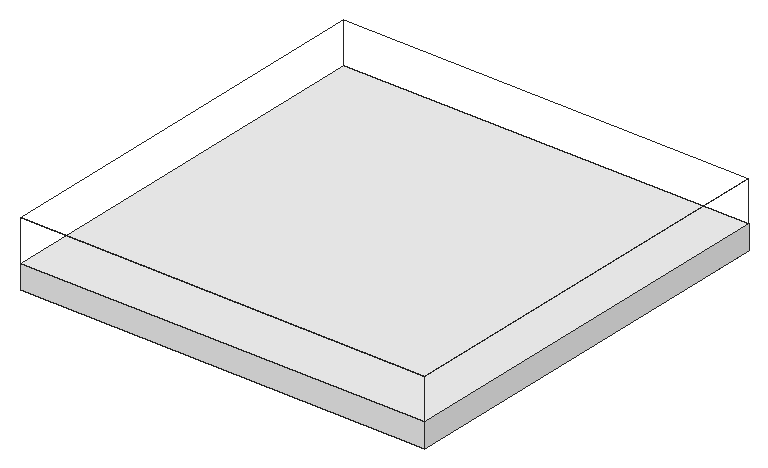
Revit family "Molior 1 Line + S - Ceiling based", category Lighting Fixtures, host Ceiling, Revit 2014
Parameters (values of type "Molior 1 Line 600x600 TL")
  Wattage = 14 W
  WarrantyGuarantorParts = "n/a"
  WarrantyDurationParts = "n/a"
  WarrantyDescription = "n/a"
  built-in parameter 1150110 = 1 (stored number, unit not read)
  Version = "v.1.0"
  Uniclass2 = "Pr_70_70_49_43 Light-Emitting Diode (LED) Luminaires"
  Uniclass 1.4 = "JY73"
  TotalWattage = "Max. 16W / 19W"
  Total height with brackets = 100 mm
  built-in parameter 1114217 = 1 (stored number, unit not read)
  Tilt Angle = 90.00°
  built-in parameter 1150109 = 1 (stored number, unit not read)
  built-in parameter 1150134 = 12
  TagNumber = "n/a"
  SustainabilityPerformance = "n/a"
  built-in parameter 1150113 = 1 (stored number, unit not read)
  SupplyCircuitConductorConnections = "n/a"
  Size = "595 x 595 x 35 mm"
  Shape = "Square"
  ProductInformation = "http://riegens.com/molior-line"
  PhotometricPerformance = "In accordance with BS EN 13032-1"
  Photometric Web File = "Molior 1 line 14W 4000K Lens Clear.ies"
  PhaseReference = "IEC recommendations"
  Optic = "Direct Collimating TIR optic "
  NominalVoltage = "220-240V"
  Molior line 1 - S = no
  Molior line 1 = yes
  ModelReference = "Molior 1 Line 600x600 TL"
  Material = "Steel and optic from PMMA."
  ManufacturersSpecificInformation = "n/a"
  ManufacturerURL = "www.riegens.com"
  Manufacturer = "Riegens A/S"
  built-in parameter 1150105 = 1007.3 (stored number, unit not read)
  Lumens = 1596 lm
  LuminaireType = "Recessed Direct LED Luminaire"
  LuminairePowerFactor = ">0,9"
  built-in parameter 1150115 = 1 (stored number, unit not read)
  LightSource = "LED 3000K / 4000K"
  LightFixturePlacingType = "Ceiling"
  LightFixtureMountingType = "Recessed"
  built-in parameter 1150137 = (empty or 0)
  built-in parameter 1150139 = (empty or 0)
  LampType = "LED"
  LampRating = "14W / 17W"
  LampColourRenderingIndex = "Ra>80 / Ra>90 on request"
  built-in parameter 1150112 = 1 (stored number, unit not read)
  built-in parameter 1150114 = 1 (stored number, unit not read)
  InternalFuse = "Only required in emergency versions"
  InsulationStandardClass = "Class 1"
  built-in parameter 1150132 = (empty or 0)
  built-in parameter 1150102 = (empty or 0)
  built-in parameter 1150107 = 4000 (stored number, unit not read)
  built-in parameter 1150138 = (empty or 0)
  built-in parameter 1150106 = 10.073 (stored number, unit not read)
  IfcExportType = "NOTDEFINED"
  IfcExportAs = "IfcLightFixtureType"
  IP_Code = "IP20"
  Height 1 = 35 mm
  HasProtectiveEarth = "TRUE"
  Grade = "n/a"
  Glass Displacement = 0 mm
  Glass Depth = 540 mm
  Glass = Riegens_Acryl (PMMA)_Prismatic
  Frame Width = 595 mm
  Frame Length = 595 mm
  Frame = Riegens_Steel_Powder coated white RAL901025
  Finish = "Powder coated"
  Features = "n/a"
  built-in parameter 1150104 = 10.591 (stored number, unit not read)
  Documentation = "See URL hyperlink"
  DocumentReference = "See URL hyperlink"
  Dimming Lamp Color Temperature Shift = <None>
  Description = "70-80-35 General Lighting Systems"
  ControlGearPosition = "Integrated "
  Constituents = "n/a"
  Colour = "White"
  Color Filter = 16777215
  CodePerformance = "n/a"
  Clearance Zones Offset = 60 mm
  Clearance Zones = yes
  Cassette Width = 0 mm
  Cassette Depth = 0 mm
  CCSTopnode = "L"
  CCSClassName = "Belysningsarmatur"
  CCSClassCode = "UAC"
  Bracket for C ceilings = no
  BarCode = "n/a"
  BallastsCELMAEnergyEfficiencyIndex = "Class A1/A2"
  built-in parameter 1114218 = 1 (stored number, unit not read)
  BSAB 96 = "SNB.2"
  BIMObjectName = "Molior 1 Line 600x600 TL.rfa"
  Author = "3dbyggeri"
  built-in parameter 1150133 = 10 (stored number, unit not read)
  AssetType = "Moveable/Fixed"
  AssetIdentifier = "n/a"
  ArticleNumber = "See URL hyperlink"
  AccessibilityPerformance = "n/a"
Types (8, lengths in mm): name | TotalWattage | Size | Shape | Photometric Web File | Molior line 1 - S | Molior line 1 | ModelReference | LampRating | Glass | Frame Width | Frame Length | Bracket for C ceilings | BIMObjectName
  Molior 1 Line 600x600 SAS 130 | "Max. 16W" | "295 x 595 x 35 mm" | "Rectangle" | "Molior 1 line 14W 4000K Lens Clear.ies" | no | yes | "Molior 1 Line 300x600 TL" | "14W" | Riegens_Acryl (PMMA)_Prismatic | 595 | 595 | no | "Molior 1 Line 300x600 TL.rfa"
  Molior 1 Line 600x600 C | "Max. 16W / 19W" | "599 x 599 x 100 mm" | "Square" | "Molior 1 line 14W 4000K Lens Clear.ies" | no | yes | "Molior 1 Line 600x600 C" | "14W / 17W" | Riegens_Acryl (PMMA)_Prismatic | 599 | 599 | yes | "Molior 1 Line 600x600 C.rfa"
  Molior 1 Line 625x625 C | "Max. 16W / 19W" | "624 x 624 x 100 mm" | "Square" | "Molior 1 line 14W 4000K Lens Clear.ies" | no | yes | "Molior 1 Line 625x625 C" | "14W / 17W" | Riegens_Acryl (PMMA)_Prismatic | 624 | 624 | yes | "Molior 1 Line 625x625 C.rfa"
  Molior 1 Line 600x600 TL | "Max. 16W / 19W" | "595 x 595 x 35 mm" | "Square" | "Molior 1 line 14W 4000K Lens Clear.ies" | no | yes | "Molior 1 Line 600x600 TL" | "14W / 17W" | Riegens_Acryl (PMMA)_Prismatic | 595 | 595 | no | "Molior 1 Line 600x600 TL.rfa"
  Molior 1 Line 625x625 TL | "Max. 16W / 19W" | "620 x 620 x 35 mm" | "Square" | "Molior 1 line 14W 4000K Lens Clear.ies" | no | yes | "Molior 1 Line 625x625 TL" | "14W / 17W" | Riegens_Acryl (PMMA)_Prismatic | 620 | 620 | no | "Molior 1 Line 625x625 TL.rfa"
  Molior 1 Line S 600x600 SAS 130 | "Max. 16W / 19W" | "584 x 584 x 35 mm" | "Square" | "Molior 1 line S 14W 4000K Lens Clear.ies" | yes | no | "Nolior 1 Line S 600x600 SAS 130" | "14W / 17W" | Riegens_Glass_opal | 584 | 584 | no | "Molior 1 Line S 600x600 SAS 130.rfa"
  Molior 1 Line S 600x600 TL | "Max. 16W / 19W" | "595 x 595 x 35 mm" | "Square" | "Molior 1 line S 14W 4000K Lens Clear.ies" | yes | no | "Nolior 1 Line S 600x600 TL" | "14W / 17W" | Riegens_Acryl (PMMA)_Prismatic | 595 | 595 | no | "Molior 1 Line S 600x600 TL.rfa"
  Molior 1 Line 300x600 TL | "Max. 16W" | "295 x 595 x 35 mm" | "Rectangle" | "Molior 1 line 14W 4000K Lens Clear.ies" | no | yes | "Molior 1 Line 300x600 TL" | "14W" | Riegens_Acryl (PMMA)_Prismatic | 295 | 595 | no | "Molior 1 Line 300x600 TL.rfa"
Reference planes
  plane 1 "Center (Front/Back)": y = 0
  plane 2: z = 0
  plane 3 "Center (Left/Right)": x = 0
  plane 4 "Ceiling": z = 0
  plane 5: x = -297.5
  plane 6: x = 297.5
  plane 7: y = 297.5
  plane 8: y = -297.5
Lines and regions (mm)
  Opening 1
    outline origin (0, 0, 0) x (1, 0, 0) y (0, 1, 0)
      loop
        line (297.5, 297.5) -> (-297.5, 297.5) -> (-297.5, -297.5) -> (297.5, -297.5) -> (297.5, 297.5)
Dimensions and locks
  equal spacing: host sketch curve, plane 3 "Center (Left/Right)", host sketch curve
  equal spacing: host sketch curve, plane 1 "Center (Front/Back)", host sketch curve
  host sketch curve to host sketch curve = 4000 mm  (x2)
  locked: plane 4 "Ceiling" to host ceiling at 0
  equal spacing: plane 5, plane 3 "Center (Left/Right)", plane 6
  equal spacing: plane 8, plane 1 "Center (Front/Back)", plane 7
  "Frame Length": plane 7 to plane 8
  "Frame Width": plane 5 to plane 6
  aligned and locked: plane 3 "Center (Left/Right)" to nested 1
  aligned and locked: plane 7 to Opening 1 sketch curve
  aligned and locked: plane 6 to Opening 1 sketch curve
  aligned and locked: Opening 1 sketch curve to plane 5
  aligned and locked: Opening 1 sketch curve to plane 8
  aligned and locked: imposter light to plane 4 "Ceiling"
Nested families
  nested 1: "Molior 1 Line + S" at (0, 0, 0), type "Molior 1 Line + S"
    with Frame Width 595 mm
Connectors
  electrical at (0, 0, 35)
    settings: on nested 1, index 1, voltage 0 V, apparent load 0 VA, apparent load phase1 0 VA, apparent load phase2 0 VA, apparent load phase3 0 VA, power factor 1, load classification "Other", number of poles 1, system type 31, power factor state 1, is connector primary yes, connector utility no, sub classification motor no, connector description ""
Definition of nested family "Molior 1 Line + S"
  Parameters (values of type "Molior 1 Line + S")
    Void Molior 1 - S = if(Molior line 1 S, 2 mm, -2 mm)  # -2 mm
    Void Molior 1 = if(Molior line 1, 2 mm, -2 mm)  # 2 mm
    Total height with brackets = 100 mm
    Molior line 1 S = no
    Molior line 1 = yes
    Height 1 = 35 mm
    Glass Displacement = 0 mm
    Glass Depth = 540 mm
    Glass = Riegens_Acryl (PMMA)_Prismatic
    Frame Width = 295 mm
    Frame Depth = 595 mm
    Frame = Riegens_Steel_Powder coated white RAL901025
    Extra Part = no
    Clearance Zones Offset = 60 mm
    Clearance Zones = yes
  Reference planes
    plane 1 "Center (Front/Back)": y = 0
    plane 2: z = 0
    plane 3 "Center (Left/Right)": x = 0
    plane 4: x = -147.5
    plane 5: x = 147.5
    plane 6: y = 297.5
    plane 7: y = -297.5
    plane 8: y = 270
    plane 9: y = -270
    plane 10: x = 0
    plane 11: z = 35
    plane 12: z = 95
    plane 13: y = 220.1
    plane 14: y = -220.1
    plane 15: z = 100
  Forms (mm)
    Extrusion 1, solid, material "Riegens_Steel_Powder coated white RAL901025" <- "Frame"
      sketch origin (0, 0, 0) x (1, 0, 0) y (0, 1, 0)
        loop
          line (-147.5, 297.5) -> (-147.5, -297.5) -> (147.5, -297.5) -> (147.5, 297.5) -> (-147.5, 297.5)
      from 0 to 35
    Extrusion 2, solid, material "Riegens_Acryl (PMMA)_Prismatic" <- "Glass", visible <- "Molior line 1"
      sketch origin (0, 0, 0) x (1, 0, 0) y (0, 1, 0)
        loop
          arc (-47.5, -235.389) -> (0, -270) -> (47.5, -235.389) r 49.9
          line (47.5, -235.389) -> (47.5, 235.549)
          arc (47.5, 235.549) -> (0, 270.049) -> (-47.5, 235.549) r 49.949
          line (-47.5, 235.549) -> (-47.5, -235.389)
      from 0 to 2
    Extrusion 3, void
      sketch origin (0, 0, 0) x (1, 0, 0) y (0, 1, 0)
        loop
          arc (-47.5, -235.549) -> (0, -270.049) -> (47.5, -235.549) r 49.949
          line (47.5, -235.549) -> (47.5, 235.389)
          arc (47.5, 235.389) -> (0, 270) -> (-47.5, 235.389) r 49.9
          line (-47.5, 235.389) -> (-47.5, -235.549)
      from 0 to 2 <- "Void Molior 1"
    Extrusion 4, solid, material "Riegens_Steel_Powder coated white RAL901025" <- "Frame", visible <- "Extra Part"
      sketch origin (0, 0, 0) x (1, 0, 0) y (0, 1, 0)
        loop
          line (-147.5, 270) -> (-147.5, -270) -> (-112.5, -270) -> (-112.5, -268) -> (-145.5, -268) -> (-145.5, 268) -> (-112.5, 268) -> (-112.5, 270) -> (-147.5, 270)
      from 35 to 100
    Extrusion 5, solid, material "Riegens_Steel_Powder coated white RAL901025" <- "Frame", visible <- "Extra Part"
      sketch origin (0, 0, 0) x (1, 0, 0) y (0, 1, 0)
        loop
          line (147.5, 270) -> (112.5, 270) -> (112.5, 268) -> (145.5, 268) -> (145.5, -268) -> (112.5, -268) -> (112.5, -270) -> (147.5, -270) -> (147.5, 270)
      from 35 to 100
    Extrusion 6, solid, material "Clearance Zones", visible <- "Clearance Zones"
      sketch origin (0, 0, 0) x (1, 0, 0) y (0, 1, 0)
        loop
          line (-147.5, 297.5) -> (-147.5, -297.5) -> (147.5, -297.5) -> (147.5, 297.5) -> (-147.5, 297.5)
      from 0 to 95
    Extrusion 7, solid, material "Riegens_Acryl (PMMA)_Prismatic" <- "Glass", visible <- "Molior line 1 S"
      sketch origin (195, 0, 0) x (1, 0, 0) y (0, 1, 0)
        loop
          arc (-47.5, -235.389) -> (0, -270) -> (47.5, -235.389) r 49.9
          line (47.5, -235.389) -> (47.5, 235.549)
          arc (47.5, 235.549) -> (0, 270.049) -> (-47.5, 235.549) r 49.949
          line (-47.5, 235.549) -> (-47.5, -235.389)
      from 0 to 2
    Extrusion 8, void
      sketch origin (195, 0, 0) x (1, 0, 0) y (0, 1, 0)
        loop
          arc (-47.5, -235.549) -> (0, -270.049) -> (47.5, -235.549) r 49.949
          line (47.5, -235.549) -> (47.5, 235.389)
          arc (47.5, 235.389) -> (0, 270) -> (-47.5, 235.389) r 49.9
          line (-47.5, 235.389) -> (-47.5, -235.549)
      from 0 to -2 <- "Void Molior 1 - S"
  Cuts and joins
    Extrusion 3, Extrusion 8 cuts Extrusion 1
    Extrusion 8 cuts Extrusion 6
  Dimensions and locks
    equal spacing: plane 4, plane 3 "Center (Left/Right)", plane 5
    equal spacing: plane 6, plane 1 "Center (Front/Back)", plane 7
    "Frame Depth": plane 6 to plane 7
    "Frame Width": plane 4 to plane 5
    locked: plane 1 "Center (Front/Back)" to Extrusion 4 sketch curve at 270
    locked: Extrusion 4 sketch curve to plane 1 "Center (Front/Back)" at 270
    locked: plane 1 "Center (Front/Back)" to Extrusion 5 sketch curve at 270
    locked: Extrusion 5 sketch curve to plane 1 "Center (Front/Back)" at 270
    equal spacing: plane 9, plane 1 "Center (Front/Back)", plane 8
    "Glass Depth": plane 8 to plane 9
    "Glass Displacement": plane 3 "Center (Left/Right)" to plane 10
    locked: plane 10 to Extrusion 3 sketch curve at 47.5
    locked: Extrusion 3 sketch curve to plane 10 at 47.5
    locked: plane 10 to Extrusion 2 sketch curve at 47.5
    locked: Extrusion 2 sketch curve to plane 10 at 47.5
    locked: plane 8 to plane 13 at 49.9
    locked: plane 9 to plane 14 at 49.9
    "Height 1": level to plane 11
    Extrusion 5 to Extrusion 5 = 65 mm
    "Total height with brackets": level to plane 15
    "Clearance Zones Offset": plane 11 to plane 12
    aligned and locked: Extrusion 1 sketch curve to plane 4
    aligned and locked: Extrusion 1 sketch curve to plane 6
    aligned and locked: Extrusion 1 sketch curve to plane 5
    aligned and locked: Extrusion 1 sketch curve to plane 7
    aligned and locked: Extrusion 6 sketch curve to plane 6
    aligned and locked: Extrusion 6 sketch curve to plane 7
    aligned and locked: plane 4 to Extrusion 6 sketch curve
    aligned and locked: plane 5 to Extrusion 6 sketch curve
    aligned and locked: plane 12 to Extrusion 6
    aligned and locked: plane 10 to Extrusion 3 sketch curve  (x2)
    aligned and locked: plane 10 to Extrusion 2 sketch curve  (x2)
    aligned and locked: plane 14 to Extrusion 3 sketch curve
    aligned and locked: plane 13 to Extrusion 2 sketch curve
    aligned and locked: plane 13 to Extrusion 3 sketch curve
    aligned and locked: plane 14 to Extrusion 2 sketch curve
    aligned and locked: plane 11 to cut or joined group of Extrusion 1, Extrusion 3, Extrusion 8
    aligned and locked: Extrusion 5 to Extrusion 4
    aligned and locked: Extrusion 5 to cut or joined group of Extrusion 1, Extrusion 3, Extrusion 8
    aligned and locked: plane 15 to Extrusion 5
    aligned and locked: plane 15 to Extrusion 4
  Automatic sketch dimensions
    plane 14 to Extrusion 2 sketch curve = 15.289 mm
    plane 13 to Extrusion 2 sketch curve = 15.449 mm
    plane 14 to Extrusion 3 sketch curve = 15.449 mm
    plane 13 to Extrusion 3 sketch curve = 15.289 mm
    Extrusion 4 sketch curve to plane 4 = 0 mm
    plane 4 to Extrusion 4 sketch curve = 2 mm
    Extrusion 4 sketch curve to plane 8 = 2 mm
    Extrusion 4 sketch curve to Extrusion 4 sketch curve = 33 mm  (x2)
    Extrusion 4 sketch curve to Extrusion 4 sketch curve = 2 mm
    Extrusion 5 sketch curve to plane 5 = 0 mm
    plane 5 to Extrusion 5 sketch curve = 2 mm
    Extrusion 5 sketch curve to plane 8 = 2 mm
    Extrusion 5 sketch curve to plane 9 = 2 mm
    plane 14 to Extrusion 7 sketch curve = 0 mm
    Extrusion 7 sketch curve to plane 13 = 0 mm
    Extrusion 7 sketch curve to Extrusion 7 sketch curve = 47.5 mm  (x2)
    plane 13 to Extrusion 7 sketch curve = 15.449 mm
    plane 14 to Extrusion 7 sketch curve = 15.289 mm  (x2)
    plane 14 to Extrusion 8 sketch curve = 0 mm
    Extrusion 8 sketch curve to plane 13 = 0 mm
    Extrusion 8 sketch curve to Extrusion 8 sketch curve = 47.5 mm  (x2)
    plane 13 to Extrusion 8 sketch curve = 15.289 mm
    plane 14 to Extrusion 8 sketch curve = 15.449 mm  (x2)
    Extrusion 5 sketch curve to Extrusion 5 sketch curve = 33 mm  (x2)
    plane 3 "Center (Left/Right)" to Extrusion 7 sketch curve = 147.5 mm
    plane 3 "Center (Left/Right)" to Extrusion 8 sketch curve = 147.5 mm
